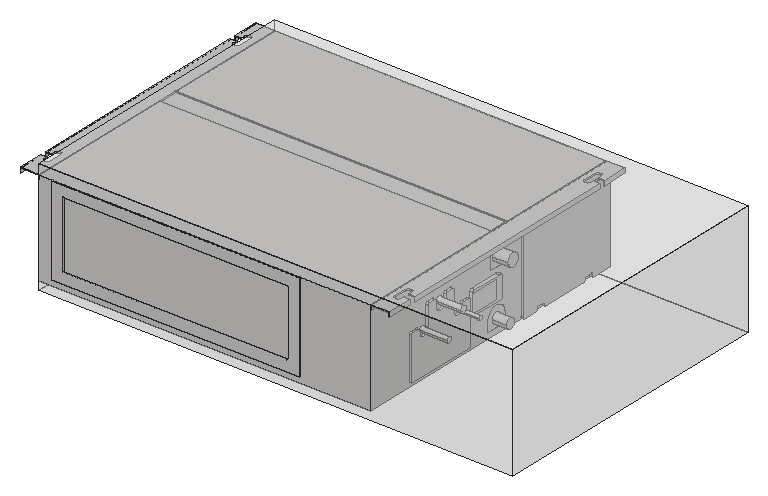
Revit family "outputfile", category 機械設備, Revit 2024
Family settings
  丸型コネクタ寸法 = 半径を使用
  パーツ タイプ = 標準
  OmniClass 番号 = 23.75.10.24.21.27.27
  OmniClass タイトル = Split System Air Conditioning Units
  作業面ベース = いいえ
  常に垂直 = はい
  ロード時にボイドで切り取り = いいえ
  注釈の向きを維持 = いいえ
  共有 = いいえ
  部屋計算ポイント = はい
Parameters (values of type "FPRSQ40APVM")
  Description = ""
  製造元 = "Daikin"
  書き出し IFC クラス(タイプ) = "IfcUnitaryEquipmentType"
  定義済み IFC タイプ(タイプ) = "AIRCONDITIONINGUNIT"
  Cost = 0
  モデル = "FPRSQ40APVM"
  Type Comments = ""
  Keynote = ""
  Type Image = (empty or 0)
  Assembly Code = ""
  r_HP/LP Gas Pipe Size = [HP/LP Gas Pipe Size] / 2  # 4.75 mm
  lw_suctionflange = 40.0 mm  # constant formula
  r_Liquid Pipe Size = Liquid Pipe Size / 2  # 3.2 mm
  r_Gas Pipe Size = Gas Pipe Size / 2  # 6.35 mm
  r_Drain Pipe Size = Drain Pipe Size / 2  # 13.0 mm
  lw_dischargeflange = 61.0 mm
  lw_SA_left = 351.0 mm
  lw_SA = Width - 178.0 mm  # 522.0 mm
  lw_RA = 618.0 mm
  lw_HP/LP Gas = 60.0 mm  # constant formula
  lh_suctionflange [instance] = if(Rear Connection_Return Air, -100.0 mm, -10.0 mm)  # -100.0 mm
  lh_power = 100.0 mm  # constant formula
  lh_mountinghole1 = lh_mountinghole  # 200.0 mm
  lh_dischargeflange = 105.5 mm  # constant formula
  lh_RA = 198.0 mm  # constant formula
  lh_HP/LP Gas = -103.0 mm  # constant formula
  left_pipe = no
  ld_dischargeflange = 310.0 mm  # constant formula
  ld_suctionflange [instance] = if(Rear Connection_Return Air, 190.0 mm, 100.0 mm)  # 190.0 mm
  ld_HP/LP Gas = 179.0 mm  # constant formula
  angle_vertical_RA [instance] = if(Rear Connection_Return Air, 90.00°, 0.00°)  # 90.00°
  angle horizontal_RA [instance] = if(Rear Connection_Return Air, 180.00°, 270.00°)  # 180.00°
  Voltage_comment_60Hz = "220-230"
  Voltage_comment_50Hz = "220 - 240"
  Voltage_60Hz = 220 V
  Voltage_50Hz = 230 V
  URL = ""
  Supply Air Direction [instance] = yes
  Sound Power Level_H speed (dB) = 0
  Rear Connection_Return Air [instance] = not(Bottom Connection_Return Air)  # yes
  ld_RA = 190.0 mm  # constant formula
  Phase_60Hz = 1
  Phase_50Hz = 1
  Minimum External Static Pressure = 0.00 Pa
  Minimum Circuit Amps_60Hz = 0.6 A
  Minimum Circuit Amps_50Hz = 0.6 A
  Maximum Fuse Amps_60Hz = 16.0 A
  Maximum Fuse Amps_50Hz = 16.0 A
  Maximum External Static Pressure = 10.00 Pa
  Material_Casing = DAIKIN_GalvanizedSteel_Casing_indoorunit
  lw_mountinghole = 740.0 mm
  lh_gaspipe = -67.0 mm  # constant formula
  lh_mountinghole = 200.0 mm  # constant formula
  lh_liquidpipe = -103.0 mm  # constant formula
  lh_drainpipe = -50.0 mm  # constant formula
  lh_antena = 1.0 mm  # constant formula
  ld_drainpipe = 23.0 mm  # constant formula
  ld_liquidpipe = 89.0 mm  # constant formula
  ld_gaspipe = 134.0 mm  # constant formula
  ld_mountinghole = 500.0 mm  # constant formula
  h*** = 100.0 mm  # constant formula
  lw_liquidpipe = 54.5 mm  # constant formula
  lw_gaspipe = 54.5 mm  # constant formula
  lw_drainpipe = 33.0 mm  # constant formula
  Width = 700.0 mm
  Version = "ver.1.0"
  Unit Type = "Moisture Control Intelligent 3D Air Flow Ceiling Mounted Duct Type"
  Unit Mass Weight = 24.00 kg
  Unit Designation [instance] = ""
  Uniclass2015Version = "Products v1.30"
  Uniclass2015Title = "Variable refrigerant flow units"
  Uniclass2015Code = "Pr_70_65_03_94"
  Total Cooling Capacity [instance] = 0.000 kW
  Sound Pressure Level_M speed (dBA) = 32
  Sound Pressure Level_L speed (dBA) = 28
  Sound Pressure Level_H speed (dBA) = 36
  Series = "VRV HOME_Fan Coil Unit"
  Sensible Cooling Capacity [instance] = 0.000 kW
  SA Duct Size Width = 456.0 mm
  SA Duct Size Height = 141.0 mm
  Refrigerant Type = "R410A"
  RA Duct Size Width = 580.0 mm
  RA Duct Size Height = 160.0 mm
  Power Input (Cooling) = 0.050 kW
  Option Accessory 3 [instance] = ""
  Option Accessory 2 [instance] = ""
  Option Accessory 1 [instance] = ""
  Nominal Cooling Capacity = 4.500 kW
  Minimum Airflow = 432.00 m³/h
  Median Airflow = 510.00 m³/h
  Maximum Airflow = 600.00 m³/h
  Load Classification = HVAC
  Liquid Pipe Size = 6.4 mm
  Link_Nested Family [instance] = ""
  IfcVersion = ""
  IfcExportType = "AIRCONDITIONINGUNIT"
  IfcExportAs = "IfcUnitaryEquipmentType"
  Height = 200.0 mm
  Heat Exchanger Type = "Cross Fin Coil"
  HP/LP Gas Pipe Size = 9.5 mm
  Gas Pipe Size = 12.7 mm
  Frequency_60Hz = 60 Hz
  Frequency_50Hz = 50 Hz
  Fan Type = "Sirocco Fan"
  Fan Drive = "Direct Drive"
  FCU Tag No. [instance] = ""
  Drain Pipe Size = 26.0 mm
  Design Supply Airflow [instance] = 0.00 m³/h
  Design Return Airflow [instance] = 0.00 m³/h
  Design External Static Pressure [instance] = 0.00 Pa
  Depth = 620.0 mm
  既定の高さ = 0.0 mm
  Cooling Entering Wet Bulb Temperature [instance] = 0.00 °C
  Cooling Entering Dry Bulb Temperature [instance] = 0.00 °C
  Cooling Ambient Wet Bulb Temperature [instance] = 0.00 °C
  Cooling Ambient Dry Bulb Temperature [instance] = 0.00 °C
  Clearance visibility [instance] = yes
  Clearance Top = 20.0 mm
  Clearance Right = 300.0 mm
  Clearance Rear = 0.0 mm
  Clearance Left = 0.0 mm
  Clearance Front = 0.0 mm
  Clearance Bottom = 20.0 mm
  Bottom Connection_Return Air [instance] = no
Reference planes
  plane 1 "Center (Front/Back)": y = 0
  plane 2 "h": z = 0
  plane 3 "Center (Left/Right)": x = 0
  plane 4 "Back": y = 310
  plane 5 "Front": y = -310
  plane 6 "Left": x = -350
  plane 7 "Reight": x = 350
  plane 8 "Top": z = 0
  plane 9 "Bottom": z = -200
  plane 10: z = 1.2
  plane 11: z = -2
  plane 12: y = -136.255
  plane 13: y = -88.831
  plane 14: x = -370
  plane 15 "lh_mountinghole": z = 0
  plane 16: z = -50
  plane 17: y = -250
  plane 18: y = 250
  plane 19 "ld_liquidpipe": y = -89
  plane 20 "ld_gaspipe": y = -134
  plane 21: y = -215
  plane 22 "ld_drainpipe": y = 23
  plane 23: x = -370
  plane 24: x = -350
  plane 25: x = 348.7
  plane 26: x = 383
  plane 27: x = 357
  plane 28: x = 360
  plane 29: x = 358
  plane 30: x = 370
  plane 31: y = 20
  plane 32: x = 380
  plane 33: x = 348
  plane 34: y = 310
  plane 35: y = -310
  plane 36: x = -350
  plane 37: x = 650
  plane 38: z = 20
  plane 39: z = -220
  plane 40: y = 335
  plane 41: z = -198
  plane 42: z = 205.102
  plane 43 "d_liquid_pipe": x = 404.5
  plane 44 "d_gas_pipe": x = 404.5
  plane 45 "ld_SA": y = -310
  plane 46: x = -350
  plane 47: x = -61
  plane 48: y = 500
  plane 49: z = -94.5
  plane 50: x = -349
  plane 51: z = -199
  plane 52: z = -1
  plane 53: y = 120
  plane 54: y = 110
  plane 55: z = -10
  plane 56 "RA_width": x = -40
  plane 57: y = 210
  plane 58 "RA_depth": y = 120
  plane 59: z = -100
  plane 60: x = -349
  plane 61: y = 309
  plane 62: x = 241.57
  plane 63: z = -30
  plane 64 "ld_HP/LP Gas": y = -179
  plane 65: x = 410
  plane 66: x = 330.5
  plane 67: y = 260.8
  plane 68 "h115": z = -84.79
  plane 69: y = 194.79
Forms (mm)
  Extrusion 1, solid, material "DAIKIN_GalvanizedSteel_Casing_indoorunit" <- "Material_Casing"
    sketch origin (0, 0, 0) x (1, 0, 0) y (0, 1, 0)
      loop
        line (-350, 310) -> (-350, -310) -> (350, -310) -> (350, 310) -> (-350, 310)
    from -200 to 0
  Extrusion 2, solid, material "DAIKIN_GalvanizedSteel_Casing_indoorunit" <- "Material_Casing"
    sketch origin (0, 0, 0) x (0, 1, 0) y (0, 0, 1)
      loop
        arc (22.012, -86.909) -> (21.133, -84.787) -> (19.012, -83.909) r 3
        line (19.012, -83.909) -> (-47.992, -83.909)
        arc (-47.992, -83.909) -> (-50.114, -84.788) -> (-50.992, -86.91) r 3
        line (-50.992, -86.91) -> (-50.992, -128.409)
        arc (-50.992, -128.409) -> (-50.114, -130.53) -> (-47.992, -131.409) r 3
        line (-47.992, -131.409) -> (19.012, -131.409)
        arc (19.012, -131.409) -> (21.133, -130.53) -> (22.012, -128.409) r 3
        line (22.012, -128.409) -> (22.012, -86.909)
    from 350 to 360
  Extrusion 3, void
    sketch origin (0, 0, 0) x (1, 0, 0) y (0, 1, 0)
      loop
        line (348.7, 48.53) -> (-350, 48.53) -> (-350, 6.27) -> (348.7, 6.27) -> (348.7, 48.53)
    from -2 to 0
  Extrusion 4, void
    sketch origin (0, 0, 0) x (0, 1, 0) y (0, 0, 1)
      loop
        line (-138.492, -87.409) -> (-138.492, -127.909) -> (9.612, -127.909) -> (9.612, -87.409) -> (-138.492, -87.409)
    from 358 to 360
  Extrusion 5, solid, material "DAIKIN_GalvanizedSteel_Casing_indoorunit" <- "Material_Casing"
    sketch origin (0, 0, 0) x (0, 1, 0) y (0, 0, 1)
      loop
        circle (20, -170) r 10
    from 350 to 380
  Extrusion 6, solid, material "DAIKIN_GalvanizedSteel_Casing_indoorunit" <- "Material_Casing"
    sketch origin (0, 0, 0) x (0, 1, 0) y (0, 0, 1)
      loop
        circle (23, -50) r 13
    from 348 to 383
  Extrusion 7, void
    sketch origin (0, 0, 0) x (0, 1, 0) y (0, 0, 1)
      loop
        arc (2.051, -70.461) -> (3.512, -73.988) -> (7.039, -75.449) r 4.988
        line (7.039, -75.449) -> (38.961, -75.449)
        arc (38.961, -75.449) -> (42.488, -73.988) -> (43.949, -70.461) r 4.988
        line (43.949, -70.461) -> (43.949, -34.039)
        arc (43.949, -34.039) -> (42.488, -30.512) -> (38.961, -29.051) r 4.988
        line (38.961, -29.051) -> (7.039, -29.051)
        arc (7.039, -29.051) -> (3.512, -30.512) -> (2.051, -34.039) r 4.988
        line (2.051, -34.039) -> (2.051, -70.461)
      loop
        arc (44.442, -169.501) -> (20.002, -145.061) -> (-4.438, -169.501) r 24.44
        line (-4.438, -169.501) -> (-4.438, -189.537) -> (44.442, -189.537) -> (44.442, -169.501)
    from 348 to 350
  Extrusion 8, solid
    sketch origin (0, 0, 0) x (0, 1, 0) y (0, 0, 1)
      loop
        circle (-89, -103) r 3.2
    from 350 to 404.5
  Extrusion 9, solid
    sketch origin (0, 0, 0) x (0, 1, 0) y (0, 0, 1)
      loop
        circle (-134, -67) r 6.35
    from 350 to 404.5
  Extrusion 10, solid, material "DAIKIN_GalvanizedSteel_Casing_indoorunit" <- "Material_Casing"
    sketch origin (0, 0, 0) x (1, 0, 0) y (0, 1, 0)
      loop
        circle (330.5, 260.8) r 17.5
    from -198 to -200
  Extrusion 11, void
    sketch origin (0, 0, 0) x (1, 0, 0) y (0, 0, 1)
      loop
        line (-349, -1) -> (-349, -199) -> (269, -199) -> (269, -1) -> (-349, -1)
    from -310 to -120
  Extrusion 12, void
    sketch origin (0, 0, 0) x (1, 0, 0) y (0, 1, 0)
      loop
        line (-349, 309) -> (-349, 111) -> (269, 111) -> (269, 309) -> (-349, 309)
    from -200 to -10
  Extrusion 13, solid, material "DAIKIN_GalvanizedSteel_Casing_indoorunit" <- "Material_Casing", visible <- "Rear Connection_Return Air"
    sketch origin (0, 0, 0) x (1, 0, 0) y (0, 1, 0)
      loop
        line (269, 309) -> (-349, 309) -> (-349, 111) -> (269, 111) -> (269, 309)
    from -200 to -199
  Extrusion 14, solid, material "DAIKIN_GalvanizedSteel_Casing_indoorunit" <- "Material_Casing", visible <- "Bottom Connection_Return Air"
    sketch origin (0, 0, 0) x (1, 0, 0) y (0, 0, 1)
      loop
        line (269, -1) -> (-349, -1) -> (-349, -199) -> (269, -199) -> (269, -1)
    from -310 to -300
  Extrusion 15, solid
    sketch origin (0, 0, 0) x (0, 1, 0) y (0, 0, 1)
      loop
        circle (-179, -103) r 4.75
    from 350 to 410
  Extrusion 16, solid, material "DAIKIN_GalvanizedSteel_Casing_indoorunit" <- "Material_Casing"
    sketch origin (0, 0, 0) x (0, 1, 0) y (0, 0, 1)
      loop
        arc (83.953, -195.012) -> (84.829, -197.128) -> (86.945, -198.005) r 2.993
        line (86.945, -198.005) -> (116.373, -198.005)
        arc (116.373, -198.005) -> (118.489, -197.128) -> (119.366, -195.012) r 2.993
        line (119.366, -195.012) -> (119.366, -188.29)
        arc (119.366, -188.29) -> (120.862, -186.794) -> (122.359, -188.29) r 1.496
        line (122.359, -188.29) -> (122.359, -190.333) -> (137.322, -190.333) -> (137.322, -188.29)
        arc (137.322, -188.29) -> (138.818, -186.794) -> (140.315, -188.29) r 1.496
        line (140.315, -188.29) -> (140.315, -195.012)
        arc (140.315, -195.012) -> (141.191, -197.128) -> (143.307, -198.005) r 2.993
        line (143.307, -198.005) -> (241.068, -198.005)
        arc (241.068, -198.005) -> (243.185, -197.128) -> (244.061, -195.012) r 2.993
        line (244.061, -195.012) -> (244.061, -188.29)
        arc (244.061, -188.29) -> (245.558, -186.794) -> (247.054, -188.29) r 1.496
        line (247.054, -188.29) -> (247.054, -190.333) -> (262.017, -190.333) -> (262.017, -188.29)
        arc (262.017, -188.29) -> (263.514, -186.794) -> (265.01, -188.29) r 1.496
        line (265.01, -188.29) -> (265.01, -195.012)
        arc (265.01, -195.012) -> (265.887, -197.128) -> (268.003, -198.005) r 2.993
        line (268.003, -198.005) -> (310, -198.005) -> (310, -22.445) -> (280.969, -22.445) -> (277.477, -25.937) -> (207.648, -25.937) -> (204.157, -22.445) -> (86.945, -22.445)
        arc (86.945, -22.445) -> (84.829, -23.322) -> (83.953, -25.438) r 2.993
        line (83.953, -25.438) -> (83.953, -195.012)
      loop
        arc (-116.44, -57.656) -> (-118.563, -58.535) -> (-119.443, -60.659) r 3.003
        line (-119.443, -60.659) -> (-119.443, -71.5)
        arc (-119.443, -71.5) -> (-134, -86.057) -> (-148.557, -71.5) r 14.557
        line (-148.557, -71.5) -> (-148.557, -60.659)
        arc (-148.557, -60.659) -> (-149.437, -58.535) -> (-151.56, -57.656) r 3.003
        line (-151.56, -57.656) -> (-164.073, -57.656)
        arc (-164.073, -57.656) -> (-166.196, -58.535) -> (-167.076, -60.659) r 3.003
        line (-167.076, -60.659) -> (-167.076, -103)
        arc (-167.076, -103) -> (-179.13, -115.055) -> (-191.185, -103) r 12.055
        line (-191.185, -103) -> (-191.185, -98.897)
        arc (-191.185, -98.897) -> (-192.064, -96.774) -> (-194.188, -95.894) r 3.003
        line (-194.188, -95.894) -> (-208.202, -95.894)
        arc (-208.202, -95.894) -> (-210.325, -96.774) -> (-211.205, -98.897) r 3.003
        line (-211.205, -98.897) -> (-211.205, -189.537) -> (-58.882, -189.537) -> (-58.882, -98.897)
        arc (-58.882, -98.897) -> (-59.762, -96.774) -> (-61.885, -95.894) r 3.003
        line (-61.885, -95.894) -> (-74.026, -95.894)
        arc (-74.026, -95.894) -> (-76.15, -96.774) -> (-77.029, -98.897) r 3.003
        line (-77.029, -98.897) -> (-77.029, -103)
        arc (-77.029, -103) -> (-88.977, -114.948) -> (-100.924, -103) r 11.948
        line (-100.924, -103) -> (-100.924, -60.659)
        arc (-100.924, -60.659) -> (-101.804, -58.535) -> (-103.927, -57.656) r 3.003
        line (-103.927, -57.656) -> (-116.44, -57.656)
    from 350 to 357
  Revolve 17, solid, material "DAIKIN_GalvanizedSteel_Casing_indoorunit" <- "Material_Casing", visible <- "left_pipe"
    sketch origin (0, 0, -84.79) x (0, 1, 0) y (-1, 0, 0)
      loop
        line (194.79, 350) -> (194.79, 365.7) -> (187.29, 365.7) -> (187.29, 358.7) -> (177.29, 358.7) -> (177.29, 350) -> (194.79, 350)
      axis (194.79, 365.7) -> (194.79, 350)
    angle from 0 to 360
Cuts and joins
  Extrusion 3, Extrusion 4, Extrusion 7, Extrusion 11, Extrusion 12 cuts Extrusion 1
  Extrusion 4 cuts Extrusion 2
  Extrusion 11 cuts Extrusion 6
Dimensions and locks
  "Height": plane 8 "Top" to plane 9 "Bottom"
  locked: plane 10 to plane 8 "Top" at 1.2
  locked: plane 8 "Top" to plane 11 at 2
  equal spacing: plane 17, plane 1 "Center (Front/Back)", plane 18
  "ld_mountinghole": plane 17 to plane 18
  "ld_gaspipe": plane 20 "ld_gaspipe" to plane 1 "Center (Front/Back)"
  "ld_liquidpipe": plane 19 "ld_liquidpipe" to plane 1 "Center (Front/Back)"
  equal spacing: plane 4 "Back", plane 1 "Center (Front/Back)", plane 5 "Front"
  "Depth": plane 4 "Back" to plane 5 "Front"
  locked: plane 12 to plane 1 "Center (Front/Back)" at 136.255
  locked: plane 12 to plane 13 at 47.425
  locked: plane 13 to plane 1 "Center (Front/Back)" at 88.831
  equal spacing: plane 6 "Left", plane 3 "Center (Left/Right)", plane 7 "Reight"
  "Width": plane 6 "Left" to plane 7 "Reight"
  "lw_drainpipe": plane 7 "Reight" to plane 26
  locked: plane 7 "Reight" to plane 27 at 7
  locked: plane 28 to plane 26 at 23
  locked: plane 29 to plane 26 at 25
  equal spacing: plane 23, plane 3 "Center (Left/Right)", plane 30
  "lw_mountinghole": plane 23 to plane 30
  locked: plane 7 "Reight" to plane 32 at 30
  locked: plane 33 to plane 7 "Reight" at 2
  "Clearance Left": plane 36 to plane 6 "Left"
  "Clearance Right": plane 7 "Reight" to plane 37
  "Clearance Rear": plane 34 to plane 4 "Back"
  "Clearance Front": plane 5 "Front" to plane 35
  "Clearance Top": plane 38 to plane 8 "Top"
  "Clearance Bottom": plane 9 "Bottom" to plane 39
  locked: plane 40 to plane 4 "Back" at 25
  locked: plane 25 to plane 7 "Reight" at 1.3
  locked: plane 41 to plane 9 "Bottom" at 2
  "lw_liquidpipe": plane 7 "Reight" to plane 43 "d_liquid_pipe"
  "lw_gaspipe": plane 7 "Reight" to plane 44 "d_gas_pipe"
  "lh_mountinghole": plane 15 "lh_mountinghole" to plane 9 "Bottom"
  "ld_suctionflange": plane 48 to plane 4 "Back"
  "lw_dischargeflange": plane 47 to plane 3 "Center (Left/Right)"
  "lh_dischargeflange": plane 49 to plane 9 "Bottom"
  locked: plane 8 "Top" to plane 52 at 1
  locked: plane 50 to plane 6 "Left" at 1
  locked: plane 51 to plane 9 "Bottom" at 1
  locked: plane 55 to plane 9 "Bottom" at 190
  locked: plane 4 "Back" to plane 53 at 190
  locked: plane 4 "Back" to plane 54 at 200
  locked: plane 4 "Back" to plane 57 at 100
  "lw_suctionflange": plane 56 "RA_width" to plane 3 "Center (Left/Right)"
  "ld_suctionflange": plane 4 "Back" to plane 58 "RA_depth"
  "lh_power": plane 59 to plane 9 "Bottom"
  locked: plane 46 to plane 60 at 1
  locked: plane 34 to plane 61 at 1
  locked: plane 8 "Top" to plane 63 at 30
  locked: plane 7 "Reight" to plane 62 at 108.43
  locked: plane 16 to plane 9 "Bottom" at 150
  locked: Extrusion 3 sketch curve to Extrusion 3 sketch curve at 42.26
  "ld_HP/LP Gas": plane 64 "ld_HP/LP Gas" to plane 1 "Center (Front/Back)"
  "ld_drainpipe": plane 1 "Center (Front/Back)" to plane 22 "ld_drainpipe"
  locked: plane 1 "Center (Front/Back)" to plane 31 at 20
  locked: Extrusion 5 sketch curve to plane 9 "Bottom" at 30
  Extrusion 15 sketch curve to plane 9 "Bottom" = 97.0 mm
  "lw_HP/LP Gas": plane 7 "Reight" to plane 65
  locked: Extrusion 9 sketch curve to plane 9 "Bottom" at 133
  locked: Extrusion 8 sketch curve to plane 9 "Bottom" at 97
  plane 66 to plane 7 "Reight" = 19.5 mm
  locked: plane 68 "h115" to plane 9 "Bottom" at 115.21
  locked: plane 4 "Back" to plane 69 at 115.21
  Revolve 17 sketch curve to plane 6 "Left" = 8.7 mm
  Revolve 17 sketch curve to plane 6 "Left" = 15.7 mm
  locked: plane 69 to Revolve 17 sketch curve at 17.5
  locked: plane 69 to Revolve 17 sketch curve at 7.5
  "ld_dischargeflange": plane 45 "ld_SA" to plane 1 "Center (Front/Back)"
  plane 4 "Back" to cut or joined group of Extrusion 1, Extrusion 3, Extrusion 4, Extrusion 7, Extrusion 11, Extrusion 12 = 261.47 mm
  plane 4 "Back" to plane 67 = 49.2 mm
  "Drain Pipe Size": diameter of Extrusion 6 sketch curve
  "Liquid Pipe Size": diameter of Extrusion 8 sketch curve
  "Gas Pipe Size": diameter of Extrusion 9 sketch curve
  "HP/LP Gas Pipe Size": diameter of Extrusion 15 sketch curve
  aligned and locked: level to plane 2 "h"
  aligned and locked: plane 8 "Top" to Extrusion 1
  aligned and locked: Extrusion 1 to plane 9 "Bottom"
  aligned and locked: Extrusion 3 to plane 11
  aligned and locked: plane 8 "Top" to Extrusion 3
  aligned and locked: Extrusion 2 to Extrusion 4
  aligned and locked: nested 3 to plane 20 "ld_gaspipe"
  aligned and locked: nested 4 to plane 19 "ld_liquidpipe"
  aligned and locked: nested 5 to plane 22 "ld_drainpipe"
  aligned and locked: nested 1 to plane 7 "Reight"
  aligned and locked: plane 6 "Left" to plane 24
  aligned and locked: Extrusion 3 sketch curve to plane 24
  aligned and locked: Extrusion 3 sketch curve to plane 25
  aligned and locked: cut or joined group of Extrusion 1, Extrusion 3, Extrusion 4, Extrusion 7, Extrusion 11, Extrusion 12 to plane 6 "Left"
  aligned and locked: plane 7 "Reight" to cut or joined group of Extrusion 1, Extrusion 3, Extrusion 4, Extrusion 7, Extrusion 11, Extrusion 12
  aligned and locked: plane 26 to Extrusion 6
  aligned and locked: Extrusion 6 to plane 26  (x2)
  aligned and locked: plane 7 "Reight" to nested 1
  aligned and locked: plane 28 to cut or joined group of Extrusion 2, Extrusion 4
  aligned and locked: cut or joined group of Extrusion 2, Extrusion 4 to plane 29
  aligned and locked: nested 2 to plane 6 "Left"
  aligned and locked: plane 31 to Extrusion 5 sketch curve
  aligned and locked: Extrusion 5 to plane 7 "Reight"
  aligned and locked: plane 32 to Extrusion 5
  aligned and locked: Extrusion 2 to plane 7 "Reight"
  aligned and locked: plane 7 "Reight" to Extrusion 7
  aligned and locked: plane 33 to Extrusion 7
  aligned and locked: plane 33 to Extrusion 6
  aligned and locked: plane 3 "Center (Left/Right)" to nested 6
  aligned and locked: plane 1 "Center (Front/Back)" to nested 6
  aligned and locked: plane 4 "Back" to cut or joined group of Extrusion 1, Extrusion 3, Extrusion 4, Extrusion 7, Extrusion 11, Extrusion 12
  aligned and locked: nested 7 to plane 35
  aligned and locked: plane 36 to nested 7
  aligned and locked: plane 37 to nested 7
  aligned and locked: nested 7 to plane 36
  aligned and locked: plane 34 to nested 7
  aligned and locked: plane 38 to nested 7
  aligned and locked: plane 39 to nested 7
  aligned and locked: Extrusion 8 to plane 7 "Reight"
  aligned and locked: plane 43 "d_liquid_pipe" to Extrusion 8
  aligned and locked: plane 20 "ld_gaspipe" to Extrusion 9 sketch curve
  aligned and locked: Extrusion 9 to plane 7 "Reight"
  aligned and locked: plane 44 "d_gas_pipe" to Extrusion 9
  aligned and locked: plane 44 "d_gas_pipe" to nested 3
  aligned and locked: plane 43 "d_liquid_pipe" to nested 4
  aligned and locked: plane 19 "ld_liquidpipe" to Extrusion 8 sketch curve
  aligned and locked: plane 15 "lh_mountinghole" to nested 2
  aligned and locked: plane 15 "lh_mountinghole" to nested 1
  aligned and locked: plane 30 to nested 8
  aligned and locked: plane 17 to nested 8
  aligned and locked: plane 30 to nested 11
  aligned and locked: plane 18 to nested 11
  aligned and locked: plane 23 to nested 9
  aligned and locked: plane 18 to nested 9
  aligned and locked: plane 23 to nested 10
  aligned and locked: plane 17 to nested 10
  aligned and locked: plane 47 to nested 12
  aligned and locked: plane 49 to nested 12
  aligned and locked: Extrusion 10 to plane 9 "Bottom"
  aligned and locked: nested 13 to plane 9 "Bottom"
  aligned and locked: plane 50 to Extrusion 11 sketch curve
  aligned and locked: Extrusion 11 sketch curve to plane 52
  aligned and locked: plane 51 to Extrusion 11 sketch curve
  aligned and locked: plane 4 "Back" to Extrusion 11
  aligned and locked: Extrusion 12 to plane 9 "Bottom"
  aligned and locked: plane 55 to Extrusion 12
  aligned and locked: Extrusion 13 sketch curve to cut or joined group of Extrusion 1, Extrusion 3, Extrusion 4, Extrusion 7, Extrusion 11, Extrusion 12
  aligned and locked: cut or joined group of Extrusion 1, Extrusion 3, Extrusion 4, Extrusion 7, Extrusion 11, Extrusion 12 to Extrusion 13 sketch curve
  aligned and locked: Extrusion 13 to plane 9 "Bottom"
  aligned and locked: Extrusion 11 to plane 53
  aligned and locked: Extrusion 14 sketch curve to cut or joined group of Extrusion 1, Extrusion 3, Extrusion 4, Extrusion 7, Extrusion 11, Extrusion 12  (x3)
  aligned and locked: plane 4 "Back" to Extrusion 14
  aligned and locked: Extrusion 13 to cut or joined group of Extrusion 1, Extrusion 3, Extrusion 4, Extrusion 7, Extrusion 11, Extrusion 12
  aligned and locked: plane 7 "Reight" to nested 5
  aligned and locked: plane 22 "ld_drainpipe" to nested 5
  aligned and locked: nested 2 to plane 1 "Center (Front/Back)"
  aligned and locked: plane 22 "ld_drainpipe" to Extrusion 6 sketch curve
  aligned and locked: plane 7 "Reight" to nested 17
  aligned and locked: plane 64 "ld_HP/LP Gas" to nested 17
  aligned and locked: plane 64 "ld_HP/LP Gas" to Extrusion 15 sketch curve
  aligned and locked: Extrusion 15 to plane 65
  aligned and locked: Extrusion 16 to plane 7 "Reight"
  aligned and locked: Extrusion 16 to plane 27
  aligned and locked: plane 67 to Extrusion 10 sketch curve
  aligned and locked: plane 66 to Extrusion 10 sketch curve
  aligned and locked: plane 66 to nested 13
  aligned and locked: plane 67 to nested 13
  aligned and locked: Extrusion 13 sketch curve to nested 16
  aligned and locked: plane 56 "RA_width" to nested 15
  aligned and locked: Extrusion 15 to plane 7 "Reight"
  aligned and locked: plane 56 "RA_width" to nested 16
  aligned and locked: Revolve 17 sketch curve to plane 69  (x2)
  aligned and locked: nested 15 to plane 58 "RA_depth"
  aligned and locked: plane 47 to nested 18
  aligned and locked: nested 18 to plane 49
  aligned and locked: plane 1 "Center (Front/Back)" to nested 12
  aligned and locked: plane 45 "ld_SA" to nested 18
  aligned and locked: plane 5 "Front" to Extrusion 1 sketch curve
Automatic sketch dimensions
  Extrusion 1 sketch curve to plane 6 "Left" = 0.0 mm
  Extrusion 1 sketch curve to plane 7 "Reight" = 0.0 mm
  Extrusion 1 sketch curve to plane 4 "Back" = 0.0 mm
  plane 6 "Left" to Extrusion 12 sketch curve = 1.0 mm
  Extrusion 12 sketch curve to plane 7 "Reight" = 81.0 mm
  Extrusion 12 sketch curve to plane 4 "Back" = 1.0 mm
  Extrusion 13 sketch curve to plane 4 "Back" = 1.0 mm
  plane 33 to Extrusion 14 sketch curve = 79.0 mm
  plane 33 to Extrusion 11 sketch curve = 79.0 mm
  plane 54 to Extrusion 12 sketch curve = 1.0 mm
  Extrusion 6 sketch curve to plane 16 = 0.0 mm
  Extrusion 2 sketch curve to Extrusion 2 sketch curve = 3.0 mm  (x5)
  Extrusion 2 sketch curve to plane 49 = 7.591 mm
  Extrusion 4 sketch curve to plane 49 = 7.091 mm
  Extrusion 4 sketch curve to plane 1 "Center (Front/Back)" = 9.612 mm
  plane 20 "ld_gaspipe" to Extrusion 4 sketch curve = 4.492 mm
  Extrusion 4 sketch curve to plane 59 = 27.909 mm
  plane 22 "ld_drainpipe" to Extrusion 2 sketch curve = 3.988 mm
  Extrusion 2 sketch curve to plane 59 = 28.409 mm
  Extrusion 2 sketch curve to plane 19 "ld_liquidpipe" = 41.008 mm
  plane 1 "Center (Front/Back)" to Extrusion 7 sketch curve = 4.438 mm
  Extrusion 7 sketch curve to plane 1 "Center (Front/Back)" = 2.051 mm
  plane 63 to Extrusion 7 sketch curve = 0.949 mm
  Extrusion 7 sketch curve to plane 1 "Center (Front/Back)" = 7.039 mm  (x2)
  plane 22 "ld_drainpipe" to Extrusion 7 sketch curve = 2.998 mm
  Extrusion 7 sketch curve to plane 22 "ld_drainpipe" = 15.961 mm  (x2)
  Extrusion 7 sketch curve to Extrusion 7 sketch curve = 4.988 mm
  Extrusion 7 sketch curve to plane 49 = 24.039 mm
  plane 41 to Extrusion 7 sketch curve = 28.499 mm
  plane 41 to Extrusion 7 sketch curve = 8.463 mm
  Extrusion 16 sketch curve to plane 21 = 3.795 mm  (x2)
  Extrusion 16 sketch curve to Extrusion 16 sketch curve = 3.003 mm  (x6)
  plane 49 to Extrusion 16 sketch curve = 1.394 mm  (x4)
  Extrusion 16 sketch curve to Extrusion 16 sketch curve = 0.0 mm  (x18)
  plane 49 to Extrusion 16 sketch curve = 4.397 mm  (x2)
  Extrusion 16 sketch curve to Extrusion 16 sketch curve = 14.014 mm
  Extrusion 16 sketch curve to plane 64 "ld_HP/LP Gas" = 0.13 mm
  plane 64 "ld_HP/LP Gas" to Extrusion 16 sketch curve = 11.924 mm
  Extrusion 16 sketch curve to Extrusion 16 sketch curve = 12.513 mm  (x2)
  plane 20 "ld_gaspipe" to Extrusion 16 sketch curve = 0.0 mm
  Extrusion 16 sketch curve to plane 59 = 3.0 mm  (x3)
  plane 19 "ld_liquidpipe" to Extrusion 16 sketch curve = 11.924 mm
  Extrusion 16 sketch curve to plane 19 "ld_liquidpipe" = 0.023 mm
  Extrusion 16 sketch curve to Extrusion 16 sketch curve = 12.141 mm
  plane 41 to Extrusion 16 sketch curve = 8.463 mm
  Extrusion 16 sketch curve to plane 19 "ld_liquidpipe" = 30.118 mm
  plane 63 to Extrusion 16 sketch curve = 4.562 mm
  Extrusion 16 sketch curve to plane 53 = 36.047 mm
  Extrusion 16 sketch curve to Extrusion 16 sketch curve = 2.993 mm  (x4)
  Extrusion 16 sketch curve to plane 41 = 0.005 mm  (x3)
  Extrusion 16 sketch curve to plane 53 = 3.627 mm
  Extrusion 16 sketch curve to plane 53 = 0.634 mm
  plane 53 to Extrusion 16 sketch curve = 0.862 mm
  Extrusion 16 sketch curve to Extrusion 16 sketch curve = 14.963 mm
  Extrusion 16 sketch curve to Extrusion 16 sketch curve = 1.496 mm  (x3)
  Extrusion 16 sketch curve to plane 57 = 5.843 mm
  Extrusion 16 sketch curve to plane 57 = 2.352 mm
  plane 18 to Extrusion 16 sketch curve = 8.932 mm
  plane 18 to Extrusion 16 sketch curve = 5.939 mm
  Extrusion 16 sketch curve to plane 18 = 12.017 mm
  plane 63 to Extrusion 16 sketch curve = 4.063 mm
  Extrusion 16 sketch curve to plane 18 = 27.477 mm
  Extrusion 16 sketch curve to Extrusion 16 sketch curve = 3.491 mm
  Extrusion 16 sketch curve to plane 4 "Back" = 0.0 mm
  Extrusion 16 sketch curve to Extrusion 16 sketch curve = 4.679 mm  (x2)
  Extrusion 16 sketch curve to Extrusion 16 sketch curve = 2.042 mm  (x4)
  Extrusion 16 sketch curve to plane 49 = 23.0 mm
  Extrusion 16 sketch curve to Extrusion 16 sketch curve = 10.841 mm  (x4)
  plane 63 to Extrusion 16 sketch curve = 7.555 mm
  Revolve 17 sketch curve to plane 6 "Left" = 0.0 mm
  plane 60 to Revolve 17 sketch curve = 53.3 mm
  Revolve 17 sketch curve to plane 14 = 10.7 mm
  Extrusion 3 sketch curve to plane 1 "Center (Front/Back)" = 6.27 mm
  radius of Extrusion 5 sketch curve = 10.0 mm
  radius of Extrusion 10 sketch curve = 17.5 mm
Nested families
  nested 1: "daikin_hangerfixture_FPRSQ-APVM" at (350, 0, 0), type "daikin_hangerfixture_FPRSQ-APVM"
  nested 2: "daikin_hangerfixture_FPRSQ-APVM" at (-350, 0, 0) x (-1, 0, 0) z (0, 0, 1), type "daikin_hangerfixture_FPRSQ-APVM"
  nested 3: "daikin_connector_rotate2" at (350, -134, -67) x (0, 1, 0) z (0, 0, 1), length <- "lw_gaspipe", built-in parameter 1001364 <- "lh_gaspipe", type "daikin_connector_rotate2"
    with radius 6.35 mm, length 54.5 mm, angle_vertical 90.00°
  nested 4: "daikin_connector_rotate2" at (350, -89, -103) x (0, 1, 0) z (0, 0, 1), length <- "lw_liquidpipe", built-in parameter 1001364 <- "lh_liquidpipe", type "daikin_connector_rotate2"
    with radius 3.2 mm, length 54.5 mm, angle_vertical 90.00°
  nested 5: "daikin_connector_rotate2" at (350, 23, -50) x (0, 1, 0) z (0, 0, 1), length <- "lw_drainpipe", built-in parameter 1001364 <- "lh_drainpipe", type "daikin_connector_rotate2"
    with radius 10.0 mm, length 33.0 mm, angle_vertical 90.00°
  nested 6: "daikin_△_symbolicline" at (0, 0, 200), built-in parameter 1001364 <- "Height", visible <- "Supply Air Direction", type "daikin_△_symbolicline"
    with length 200.0 mm
  nested 7: "daikin_clearancespace" at (150, 0, -99.881), visible <- "Clearance visibility", show <- "Clearance visibility", Link_Nested Family <- "Link_Nested Family", type "daikin_clearancespace"
    with width 1000.0 mm, show yes, height 240.0 mm, depth 620.0 mm, Link_Nested Family ""
  nested 8: "daikin_mountinghole" at (370, -250, -200), l_antenna <- "lh_antena", Link_Nested Family <- "Link_Nested Family", h_mountinghole <- "lh_mountinghole1", type "daikin_mountinghole"
    with show yes, l_antenna 1.0 mm, h_mountinghole 200.0 mm, Link_Nested Family ""
  nested 9: "daikin_mountinghole" at (-370, 250, -200), l_antenna <- "lh_antena", Link_Nested Family <- "Link_Nested Family", h_mountinghole <- "lh_mountinghole1", type "daikin_mountinghole"
    with show yes, l_antenna 1.0 mm, h_mountinghole 200.0 mm, Link_Nested Family ""
  nested 10: "daikin_mountinghole" at (-370, -250, -200), l_antenna <- "lh_antena", Link_Nested Family <- "Link_Nested Family", h_mountinghole <- "lh_mountinghole1", type "daikin_mountinghole"
    with show yes, l_antenna 1.0 mm, h_mountinghole 200.0 mm, Link_Nested Family ""
  nested 11: "daikin_mountinghole" at (370, 250, -200), l_antenna <- "lh_antena", Link_Nested Family <- "Link_Nested Family", h_mountinghole <- "lh_mountinghole1", type "daikin_mountinghole"
    with show yes, l_antenna 1.0 mm, h_mountinghole 200.0 mm, Link_Nested Family ""
  nested 12: "daikin_connector_rotate2" at (-61, 0, -94.5), length <- "ld_dischargeflange", type "daikin_connector_rotate2"
    with radius 10.0 mm, length 310.0 mm, angle_vertical 90.00°
  nested 13: "daikin_connector_rotate2" at (330.5, 260.8, -100) x (1, 0, 0) z (0, -1, 0), length <- "lh_power", type "daikin_connector_rotate2"
    with radius 10.0 mm, length 100.0 mm, angle_vertical 90.00°
  nested 14: "daikin_ductflange_FPRSQ-APVM2" at (-40, 310, -199), height <- "lh_RA", width <- "lw_RA", visible <- "Rear Connection_Return Air", type "daikin_ductflange_FPRSQ-APVM2"
    with width 618.0 mm, height 198.0 mm, depth 8.188 mm
  nested 15: "daikin_connector_rotate3" at (-40, 120, -100), built-in parameter 1001364 <- "lh_suctionflange", length <- "ld_RA", angle_vertical <- "angle_vertical_RA", angle_horizontal <- "angle horizontal_RA", type "daikin_connector_rotate3"
    with show no, radius 10.0 mm, length 190.0 mm, angle_vertical 90.00°, angle_horizontal 180.00°
  nested 16: "daikin_ductflange_FPRSQ-APVM2" at (-40, 111, -200) x (1, 0, 0) z (0, 1, 0), width <- "lw_RA", height <- "lh_RA", visible <- "Bottom Connection_Return Air", type "daikin_ductflange_FPRSQ-APVM2"
    with width 618.0 mm, height 198.0 mm, depth 562.323 mm
  nested 17: "daikin_connector_rotate2" at (350, -179, -103) x (0, 1, 0) z (0, 0, 1), length <- "lw_HP/LP Gas", built-in parameter 1001364 <- "lh_HP/LP Gas", type "daikin_connector_rotate2"
    with radius 4.8 mm, length 60.0 mm, angle_vertical 90.00°
  nested 18: "daikin_ductflange_FPRSQ-APVM3" at (-61, -310, -193.5), height <- "lh_RA", width <- "lw_SA", type "daikin_ductflange_FPRSQ-APVM3"
    with width 522.0 mm, height 198.0 mm, depth 1.0 mm
Connectors
  piping at (404.5, -134, -67), diameter 12.7, driven by "r_Gas Pipe Size"
    settings: on nested 3, index 3, connector inside diameter 609.6 mm, connector length 0.0 mm, flow factor 0, pipe flow 0.00 m³/h, pressure drop 0.0 Pa, fitting loss kfactor 0, connector angle 0.00°, fixture units 0, engagement length 0.0 mm, angle of deflection 0.00°, flow configuration 1, flow direction 2, fitting loss method 0, system type 29, joint type 0, gender type 0, connector reference index -1, connector utility 0, adjustable connector no, is connector primary yes, connector description "Refrigerant Gas Piping"
  piping at (404.5, -89, -103), diameter 6.4, driven by "r_Liquid Pipe Size"
    settings: on nested 4, index 4, connector inside diameter 609.6 mm, connector length 0.0 mm, flow factor 0, pipe flow 0.00 m³/h, pressure drop 0.0 Pa, fitting loss kfactor 0, connector angle 0.00°, fixture units 0, engagement length 0.0 mm, angle of deflection 0.00°, flow configuration 1, flow direction 1, fitting loss method 0, system type 29, joint type 0, gender type 0, connector reference index -1, connector utility 0, adjustable connector no, is connector primary no, connector description "Refrigerant Liquid Piping"
  piping at (383, 23, -50), diameter 26, driven by "r_Drain Pipe Size"
    settings: on nested 5, index 5, connector inside diameter 609.6 mm, connector length 0.0 mm, flow factor 0, pipe flow 0.00 m³/h, pressure drop 0.0 Pa, fitting loss kfactor 0, connector angle 0.00°, fixture units 0, engagement length 0.0 mm, angle of deflection 0.00°, flow configuration 1, flow direction 2, fitting loss method 4, system type 16, joint type 0, gender type 0, connector reference index -1, connector utility 0, adjustable connector no, is connector primary no, connector description "Condensate Drain Piping"
  electrical at (330.5, 260.8, -200), driven by "Load Classification"
    settings: on nested 13, index 12, voltage 0 V, apparent load 0 VA, apparent load phase1 0 VA, apparent load phase2 0 VA, apparent load phase3 0 VA, power factor 1, load classification "HVAC", number of poles 1, system type 30, power factor state 1, is connector primary yes, connector utility no, sub classification motor no, connector description "Power Supply"
  hvac at (-40, 310, -100), driven by "RA Duct Size Height", driven by "RA Duct Size Width"
    settings: on nested 15, index 13, duct flow 0.00 m³/h, flow factor 0, pres drop 0.00 Pa, loss coef 0, conn angle 0.00°, conn width 580.0 mm, conn height 160.0 mm, conn diameter 609.6 mm, duct sys type 2, conn prof type 1, flow config 0, flow direction 1, loss method 4, conn ref index -1, conn util no, is conn primary yes, conn desc "RA Duct"
  piping at (410, -179, -103), diameter 9.5, driven by "r_HP/LP Gas Pipe Size"
    settings: on nested 17, index 14, connector inside diameter 609.6 mm, connector length 0.0 mm, flow factor 0, pipe flow 0.00 m³/h, pressure drop 0.0 Pa, fitting loss kfactor 0, connector angle 0.00°, fixture units 0, engagement length 0.0 mm, angle of deflection 0.00°, flow configuration 1, flow direction 0, fitting loss method 0, system type 29, joint type 0, gender type 0, connector reference index -1, connector utility 0, adjustable connector no, is connector primary no, connector description "Refrigerant HP/LP Gas Piping"
  hvac at (-61, -310, -94.5), driven by "SA Duct Size Height", driven by "SA Duct Size Width"
    settings: on nested 12, index 15, duct flow 0.00 m³/h, flow factor 0, pres drop 0.00 Pa, loss coef 0, conn angle 0.00°, conn width 456.0 mm, conn height 141.0 mm, conn diameter 609.6 mm, duct sys type 1, conn prof type 1, flow config 0, flow direction 2, loss method 4, conn ref index -1, conn util no, is conn primary no, conn desc "SA Duct"
Definition of nested family "daikin_hangerfixture_FPRSQ-APVM"
  Parameters (values of type "daikin_hangerfixture_FXDSQ-AVM")
    width = 40.0 mm
    material = none
    height = 10.0 mm
    depth = 620.0 mm
    Default Elevation = 0.0 mm
  Reference planes
    plane 1 "Center (Front/Back)": y = 0
    plane 2: z = 0
    plane 3 "Center (Left/Right)": x = 0
    plane 4: y = 417.146
    plane 5: z = -1.6
    plane 6: x = 40
    plane 7: y = 310
    plane 8: y = -310
    plane 9: y = -313.5
    plane 10: y = 313.5
    plane 11: z = -10
    plane 12: x = 1.5
  Forms (mm)
    Extrusion 1, solid, material <- "material"
      sketch origin (0, 0, 0) x (1, 0, 0) y (0, 1, 0)
        loop
          line (12.981, 236.965) -> (12.981, 263.035)
          arc (12.981, 263.035) -> (20, 270.054) -> (27.019, 263.035) r 7.019
          line (27.019, 263.035) -> (27.019, 256.518) -> (40, 256.518) -> (40, 310) -> (0, 310) -> (0, -310) -> (40, -310) -> (40, -256.518) -> (27.019, -256.518) -> (27.019, -263.035)
          arc (27.019, -263.035) -> (20, -270.054) -> (12.981, -263.035) r 7.019
          line (12.981, -263.035) -> (12.981, -236.965)
          arc (12.981, -236.965) -> (20, -229.946) -> (27.019, -236.965) r 7.019
          line (27.019, -236.965) -> (27.019, -243.482) -> (40, -243.482) -> (40, 243.482) -> (27.019, 243.482) -> (27.019, 236.965)
          arc (27.019, 236.965) -> (20, 229.946) -> (12.981, 236.965) r 7.019
      from -1.6 to 0
    Extrusion 2, solid, material <- "material"
      sketch origin (0, 0, 0) x (0, 1, 0) y (0, 0, 1)
        loop
          line (310, -10) -> (310, 0) -> (-310, 0) -> (-310, -10) -> (310, -10)
      from 0 to 1.5
    Extrusion 3, solid, material <- "material"
      sketch origin (0, 0, 0) x (0, 1, 0) y (0, 0, 1)
        loop
          line (-310, -10) -> (-256.518, -10) -> (-256.518, 0) -> (-310, 0) -> (-310, -10)
        loop
          line (310, -10) -> (310, 0) -> (256.518, 0) -> (256.518, -10) -> (310, -10)
        loop
          line (-243.482, 0) -> (-243.482, -10) -> (243.482, -10) -> (243.482, 0) -> (-243.482, 0)
      from 38.442 to 40
  Cuts and joins
    joined: Extrusion 1, Extrusion 2, Extrusion 3
  Dimensions and locks
    "width": plane 3 "Center (Left/Right)" to plane 6
    "depth": plane 8 to plane 7
    equal spacing: plane 8, plane 1 "Center (Front/Back)", plane 7
    locked: plane 9 to plane 8 at 3.5
    locked: plane 7 to plane 10 at 3.5
    "height": level to plane 11
    locked: plane 12 to plane 3 "Center (Left/Right)" at 1.5
    locked: Extrusion 3 to plane 6 at 1.558
    aligned and locked: level to plane 2
    aligned and locked: level to Extrusion 1
    aligned and locked: Extrusion 1 to plane 5
    aligned and locked: level to Extrusion 2 sketch curve
    aligned and locked: plane 12 to Extrusion 2
    aligned and locked: level to Extrusion 3 sketch curve
    aligned and locked: plane 6 to cut or joined group of Extrusion 1, Extrusion 2, Extrusion 3
    aligned and locked: cut or joined group of Extrusion 1, Extrusion 2, Extrusion 3 to plane 11
  Automatic sketch dimensions
    Extrusion 2 sketch curve to plane 7 = 0.0 mm
    Extrusion 1 sketch curve to plane 3 "Center (Left/Right)" = 0.0 mm
    Extrusion 1 sketch curve to plane 6 = 0.0 mm  (x3)
    plane 8 to Extrusion 1 sketch curve = 0.0 mm
    plane 7 to Extrusion 1 sketch curve = 0.0 mm
    plane 12 to Extrusion 1 sketch curve = 11.481 mm  (x2)
    Extrusion 1 sketch curve to Extrusion 1 sketch curve = 7.019 mm  (x4)
    Extrusion 1 sketch curve to plane 8 = 46.965 mm
    Extrusion 1 sketch curve to Extrusion 1 sketch curve = 6.518 mm  (x4)
    Extrusion 1 sketch curve to Extrusion 1 sketch curve = 13.035 mm  (x2)
    plane 7 to Extrusion 1 sketch curve = 73.035 mm
    Extrusion 3 sketch curve to plane 8 = 0.0 mm
    Extrusion 3 sketch curve to level = 0.0 mm  (x2)
    Extrusion 3 sketch curve to plane 7 = 0.0 mm
    Extrusion 3 sketch curve to plane 8 = 53.482 mm
    Extrusion 3 sketch curve to Extrusion 3 sketch curve = 13.035 mm  (x2)
    plane 7 to Extrusion 3 sketch curve = 66.518 mm
    Extrusion 2 sketch curve to plane 8 = 0.0 mm
    Extrusion 2 sketch curve to plane 11 = 0.0 mm
    Extrusion 3 sketch curve to plane 11 = 0.0 mm  (x3)
Definition of nested family "daikin_clearancespace"
  Parameters (values of type "daikin_clearancespace")
    Description = "daikin_clearancespace"
    width [instance] = 1823.963 mm
    show [instance] = yes
    material = none
    height [instance] = 1359.762 mm
    depth [instance] = 880.0 mm
    Default Elevation = 0.0 mm
    Link_Nested Family [instance] = ""
  Reference planes
    plane 1 "Center (Front/Back)": y = 0
    plane 2 "Center (Elevation)": z = -0.119
    plane 3 "Center (Left/Right)": x = 0
    plane 4: y = 440
    plane 5: y = -440
    plane 6 "Right": x = 911.982
    plane 7 "Left": x = -911.982
    plane 8 "Top": z = 679.762
    plane 9 "Bottom": z = -680
  Forms (mm)
    Extrusion 1, solid, material <- "material", visible <- "show"
      sketch origin (0, 0, 0) x (1, 0, 0) y (0, 1, 0)
        loop
          line (-911.982, 440) -> (-911.982, -440) -> (911.982, -440) -> (911.982, 440) -> (-911.982, 440)
      from -680 to 679.762
  Lines and regions (mm)
    symbolic lines, visible <- "show"
      curve 1: line (911.982, 440, 0) -> (-911.982, 440, 0)
      curve 2: line (-911.982, 440, 0) -> (-911.982, -440, 0)
      curve 3: line (-911.982, -440, 0) -> (911.982, -440, 0)
      curve 4: line (911.982, -440, 0) -> (911.982, 440, 0)
      curve 5: line (911.982, 0, 679.762) -> (-911.982, 0, 679.762)
      curve 6: line (911.982, 0, -680) -> (911.982, 0, 679.762)
      curve 7: line (-911.982, 0, -680) -> (911.982, 0, -680)
      curve 8: line (-911.982, 0, 679.762) -> (-911.982, 0, -680)
      curve 9: line (0, 440, 679.762) -> (0, -440, 679.762)
      curve 10: line (0, -440, 679.762) -> (0, -440, -680)
      curve 11: line (0, 440, -680) -> (0, 440, 679.762)
      curve 12: line (0, -440, -680) -> (0, 440, -680)
  Dimensions and locks
    "width": plane 7 "Left" to plane 6 "Right"
    "depth": plane 4 to plane 5
    "height": plane 8 "Top" to plane 9 "Bottom"
    equal spacing: plane 7 "Left", plane 3 "Center (Left/Right)", plane 6 "Right"
    equal spacing: plane 4, plane 1 "Center (Front/Back)", plane 5
    equal spacing: plane 8 "Top", plane 2 "Center (Elevation)", plane 9 "Bottom"
    aligned and locked: level to plane 2 "Center (Elevation)"
    aligned and locked: Extrusion 1 sketch curve to plane 4
    aligned and locked: plane 7 "Left" to Extrusion 1 sketch curve
    aligned and locked: Extrusion 1 sketch curve to plane 5
    aligned and locked: Extrusion 1 sketch curve to plane 6 "Right"
    aligned and locked: plane 8 "Top" to Extrusion 1
    aligned and locked: curve 1 to Extrusion 1
    aligned and locked: curve 2 to Extrusion 1
    aligned and locked: curve 3 to Extrusion 1
    aligned and locked: curve 4 to Extrusion 1
    aligned and locked: curve 5 to Extrusion 1
    aligned and locked: curve 6 to Extrusion 1
    aligned and locked: curve 7 to Extrusion 1
    aligned and locked: curve 8 to Extrusion 1
    aligned and locked: curve 9 to Extrusion 1
    aligned and locked: curve 10 to Extrusion 1
    aligned and locked: curve 11 to Extrusion 1
    aligned and locked: curve 12 to Extrusion 1
    aligned and locked: Extrusion 1 to plane 9 "Bottom"
Definition of nested family "daikin_ductflange_FPRSQ-APVM2"
  Parameters (values of type "daikin_ductflange_FXDSQ-AVM2")
    width [instance] = 620.0 mm
    material = none
    height [instance] = 198.0 mm
    depth [instance] = 1.0 mm
    Default Elevation = 0.0 mm
  Reference planes
    plane 1 "Center (Front/Back)": y = 0
    plane 2: z = 0
    plane 3 "Center (Left/Right)": x = 0
    plane 4: x = -310
    plane 5: x = 310
    plane 6 "Top": z = 198
    plane 7: y = -1
    plane 8: z = 179
    plane 9: z = 19
    plane 10 "Center (Elevation)": z = 99
    plane 11: x = -291
    plane 12: x = 291
  Forms (mm)
    Extrusion 1, solid, material <- "material"
      sketch origin (0, 0, 0) x (1, 0, 0) y (0, 0, 1)
        loop
          line (-310, 198) -> (-310, 0) -> (310, 0) -> (310, 198) -> (-310, 198)
        loop
          line (-291, 179) -> (-291, 19) -> (291, 19) -> (291, 179) -> (-291, 179)
      from 0 to 1
  Dimensions and locks
    "height": plane 6 "Top" to plane 2
    "width": plane 4 to plane 5
    equal spacing: plane 4, plane 3 "Center (Left/Right)", plane 5
    Extrusion 1 sketch curve to Extrusion 1 sketch curve = 19.0 mm  (x4)
    "depth": plane 7 to plane 1 "Center (Front/Back)"
    locked: plane 6 "Top" to plane 8 at 19
    locked: plane 9 to plane 2 at 19
    equal spacing: plane 6 "Top", plane 10 "Center (Elevation)", plane 2
    locked: plane 11 to plane 4 at 19
    locked: plane 5 to plane 12 at 19
    aligned and locked: level to plane 2
    aligned and locked: Extrusion 1 sketch curve to plane 6 "Top"
    aligned and locked: plane 4 to Extrusion 1 sketch curve
    aligned and locked: Extrusion 1 sketch curve to plane 5
    aligned and locked: plane 2 to Extrusion 1 sketch curve
    aligned and locked: plane 11 to Extrusion 1
    aligned and locked: Extrusion 1 to plane 12
    aligned and locked: plane 9 to Extrusion 1
    aligned and locked: Extrusion 1 to plane 8
Definition of nested family "daikin_ductflange_FPRSQ-APVM3"
  Parameters (values of type "daikin_ductflange_FPRSQ-APVM3")
    width [instance] = 620.0 mm
    material = none
    height [instance] = 198.0 mm
    depth [instance] = 1.0 mm
    Default Elevation = 0.0 mm
  Reference planes
    plane 1 "Center (Front/Back)": y = 0
    plane 2: z = 0
    plane 3 "Center (Left/Right)": x = 0
    plane 4: x = -310
    plane 5: x = 310
    plane 6 "Top": z = 198
    plane 7: y = -1
    plane 8: z = 192.5
    plane 9: z = 5.5
    plane 10 "Center (Elevation)": z = 99
    plane 11: x = -287
    plane 12: x = 287
    plane 13: z = 28.5
    plane 14: z = 169.5
  Forms (mm)
    Extrusion 1, solid, material <- "material"
      sketch origin (0, 0, -785) x (1, 0, 0) y (0, 0, 1)
        loop
          line (-310, 977.5) -> (-310, 790.5) -> (310, 790.5) -> (310, 977.5) -> (-310, 977.5)
        loop
          line (-287, 954.5) -> (-287, 813.5) -> (287, 813.5) -> (287, 954.5) -> (-287, 954.5)
      from 0 to 1
  Dimensions and locks
    "height": plane 6 "Top" to plane 2
    "width": plane 4 to plane 5
    equal spacing: plane 4, plane 3 "Center (Left/Right)", plane 5
    "depth": plane 7 to plane 1 "Center (Front/Back)"
    equal spacing: plane 6 "Top", plane 10 "Center (Elevation)", plane 2
    locked: plane 11 to plane 4 at 23
    locked: plane 5 to plane 12 at 23
    locked: plane 13 to plane 9 at 23
    locked: plane 6 "Top" to plane 8 at 5.5
    locked: plane 8 to plane 14 at 23
    locked: plane 14 to plane 13 at 141
    aligned and locked: level to plane 2
    aligned and locked: plane 4 to Extrusion 1 sketch curve
    aligned and locked: Extrusion 1 sketch curve to plane 5
    aligned and locked: plane 11 to Extrusion 1  (x2)
    aligned and locked: Extrusion 1 to plane 12  (x2)
    aligned and locked: plane 5 to Extrusion 1
    aligned and locked: Extrusion 1 to plane 4
    aligned and locked: Extrusion 1 sketch curve to plane 8
    aligned and locked: Extrusion 1 sketch curve to plane 14
    aligned and locked: Extrusion 1 sketch curve to plane 13
    aligned and locked: Extrusion 1 sketch curve to plane 9
    aligned and locked: Extrusion 1 sketch curve to plane 12
    aligned and locked: plane 11 to Extrusion 1 sketch curve
Definition of nested family "daikin_connector_rotate2"
  Parameters (values of type "daikin_connector_rotate2")
    show_face = no
    radius [instance] = 10.0 mm
    length [instance] = 600.0 mm
    d_surface = 10.0 mm
    angle_vertical [instance] = 90.00°
    Default Elevation = 0.0 mm
  Reference planes
    plane 1 "Center (Front/Back)": y = 0
    plane 2: z = 0
    plane 3 "Center (Left/Right)": x = 0
  Forms (mm)
    Extrusion 1, solid, visible <- "show_face"
      sketch origin (0, -600, 0) x (1, 0, 0) y (0, 0, 1)
        loop
          circle (0, 0) r 10
      from 0 to -10
  Lines and regions (mm)
    reference lines
      curve 1: line (0, 0, 0) -> (0, -600, 0)
    symbolic lines
      curve 2: circle (0, 0, 0) r 5 normal (0, 0, 1)
    model lines, visible <- "show_face"
      curve 3: line (0, 0, 0) -> (0, -600, 0)
  Dimensions and locks
    "length": curve 1 to curve 1
    "length": curve 3 to curve 3
    "d_surface": Extrusion 1 to Extrusion 1
    "radius": radius of Extrusion 1 sketch curve
    "angle_vertical": angle curve 1 to plane 1 "Center (Front/Back)"
    "angle_vertical": angle curve 3 to plane 1 "Center (Front/Back)"
    aligned and locked: level to plane 2
    aligned and locked: plane 1 "Center (Front/Back)" to curve 1
    aligned and locked: plane 2 to curve 1
    aligned and locked: plane 1 "Center (Front/Back)" to curve 2
    aligned and locked: plane 3 "Center (Left/Right)" to curve 2
    aligned and locked: plane 1 "Center (Front/Back)" to curve 3
    aligned and locked: plane 2 to curve 3
    aligned and locked: Extrusion 1 to Extrusion 1
  Automatic sketch dimensions
    Extrusion 1 sketch curve to level = 0.0 mm
    Extrusion 1 sketch curve to plane 3 "Center (Left/Right)" = 0.0 mm
    radius of curve 2 = 5.0 mm
Definition of nested family "daikin_△_symbolicline"
  Parameters (values of type "daikin_△_symbolicline")
    length [instance] = 200.0 mm
    Default Elevation = 0.0 mm
  Reference planes
    plane 1 "Center (Front/Back)": y = 0
    plane 2: z = 0
    plane 3 "Center (Left/Right)": x = 0
  Lines and regions (mm)
    symbolic lines
      curve 1: line (0, -173.205, 0) -> (100, 0, 0)
      curve 2: line (100, 0, 0) -> (-100, 0, 0)
      curve 3: line (-100, 0, 0) -> (0, -173.205, 0)
  Dimensions and locks
    equal spacing: curve 3, plane 3 "Center (Left/Right)", curve 2
    "length": curve 3 to curve 2
    "length": curve 3 to curve 3
    "length": curve 1 to curve 1
    aligned and locked: level to plane 2
    aligned and locked: curve 2 to plane 1 "Center (Front/Back)"
    aligned and locked: plane 3 "Center (Left/Right)" to curve 3
Definition of nested family "daikin_mountinghole"
  Parameters (values of type "daikin_mountinghole")
    Default Elevation = 1219.2 mm
    Type Comments = "mountinghole"
    show [instance] = yes
    material = none
    l_centerline = 100.0 mm
    l_antenna [instance] = 100.0 mm
    h_mountinghole [instance] = 0.0 mm
    d_circle = 30.0 mm
    Link_Nested Family [instance] = ""
  Reference planes
    plane 1 "Center (Front/Back)": y = 0
    plane 2: z = 0
    plane 3 "Center (Left/Right)": x = 0
    plane 4: y = 50
    plane 5: x = -50
    plane 6: x = 50
    plane 7: y = -50
    plane 8 "h_mountinghole": z = 0
    plane 9: z = 100
  Lines and regions (mm)
    model lines, detail levels fine
      curve 1: circle (0, 0, 0) r 15 normal (0, 0, 1)
      curve 2: line (-50, 0, 0) -> (50, 0, 0)
      curve 3: line (0, 50, 0) -> (0, -50, 0)
    symbolic lines, detail levels fine
      curve 4: circle (0, 0, 0) r 15 normal (0, 0, 1)
      curve 5: line (-50, 0, 0) -> (50, 0, 0)
      curve 6: line (0, 50, 0) -> (0, -50, 0)
    model lines
      curve 7: line (0, 0, 100) -> (0, 0, 0)
  Dimensions and locks
    equal spacing: plane 4, plane 1 "Center (Front/Back)", plane 7
    "l_centerline": plane 4 to plane 7
    equal spacing: plane 5, plane 3 "Center (Left/Right)", plane 6
    "l_centerline": plane 5 to plane 6
    "l_antenna": plane 9 to plane 8 "h_mountinghole"
    "h_mountinghole": plane 8 "h_mountinghole" to plane 2
    "d_circle": diameter of curve 1
    "d_circle": diameter of curve 4
    aligned and locked: level to plane 2
    aligned and locked: plane 1 "Center (Front/Back)" to curve 1
    aligned and locked: plane 3 "Center (Left/Right)" to curve 1
    aligned and locked: plane 1 "Center (Front/Back)" to curve 2
    aligned and locked: curve 3 to plane 3 "Center (Left/Right)"
    aligned and locked: plane 6 to curve 2
    aligned and locked: plane 5 to curve 2
    aligned and locked: plane 4 to curve 3
    aligned and locked: plane 7 to curve 3
    aligned and locked: plane 1 "Center (Front/Back)" to curve 4
    aligned and locked: plane 3 "Center (Left/Right)" to curve 4
    aligned and locked: plane 6 to curve 5
    aligned and locked: plane 5 to curve 5
    aligned and locked: plane 1 "Center (Front/Back)" to curve 5
    aligned and locked: plane 4 to curve 6
    aligned and locked: plane 7 to curve 6
    aligned and locked: curve 6 to plane 3 "Center (Left/Right)"
    aligned and locked: curve 7 to plane 3 "Center (Left/Right)"
    aligned and locked: plane 9 to curve 7
    aligned and locked: plane 8 "h_mountinghole" to curve 7
Definition of nested family "daikin_connector_rotate3"
  Parameters (values of type "daikin_connector_rotate3")
    show [instance] = yes
    radius [instance] = 10.0 mm
    length [instance] = 600.0 mm
    angle_horizontal [instance] = 60.00°
    angle_vertical [instance] = 90.00°
    Default Elevation = 0.0 mm
  Reference planes
    plane 1 "Center (Front/Back)": y = 0
    plane 2: z = 0
    plane 3 "Center (Left/Right)": x = 0
  Dimensions and locks
    "angle_horizontal": angle plane 3 "Center (Left/Right)" to nested 1
    aligned and locked: level to plane 2
    aligned and locked: plane 1 "Center (Front/Back)" to nested 1  (x2)
    aligned and locked: plane 3 "Center (Left/Right)" to nested 1
  Nested families
    nested 1: "daikin_connector_rotate2" at (0, 0, 0) x (0.5, 0.866, 0) z (0, 0, 1), angle_vertical <- "angle_vertical", length <- "length", radius <- "radius", type "daikin_connector_rotate2"
      with radius 10.0 mm, length 600.0 mm, angle_vertical 90.00°
  Definition of nested family "daikin_connector_rotate2"
    Parameters (values of type "daikin_connector_rotate2")
      show_face = yes
      radius [instance] = 10.0 mm
      length [instance] = 600.0 mm
      d_surface = 10.0 mm
      angle_vertical [instance] = 90.00°
      Default Elevation = 0.0 mm
    Reference planes
      plane 1 "Center (Front/Back)": y = 0
      plane 2: z = 0
      plane 3 "Center (Left/Right)": x = 0
    Forms (mm)
      Extrusion 1, solid, visible <- "show_face"
        sketch origin (0, -600, 0) x (1, 0, 0) y (0, 0, 1)
          loop
            circle (0, 0) r 10
        from 0 to -10
    Lines and regions (mm)
      reference lines
        curve 1: line (0, 0, 0) -> (0, -600, 0)
      symbolic lines
        curve 2: circle (0, 0, 0) r 5 normal (0, 0, 1)
      model lines, visible <- "show_face"
        curve 3: line (0, 0, 0) -> (0, -600, 0)
    Dimensions and locks
      "length": curve 1 to curve 1
      "length": curve 3 to curve 3
      "d_surface": Extrusion 1 to Extrusion 1
      "radius": radius of Extrusion 1 sketch curve
      "angle_vertical": angle curve 1 to plane 1 "Center (Front/Back)"
      "angle_vertical": angle curve 3 to plane 1 "Center (Front/Back)"
      aligned and locked: level to plane 2
      aligned and locked: plane 1 "Center (Front/Back)" to curve 1
      aligned and locked: plane 2 to curve 1
      aligned and locked: plane 1 "Center (Front/Back)" to curve 2
      aligned and locked: plane 3 "Center (Left/Right)" to curve 2
      aligned and locked: plane 1 "Center (Front/Back)" to curve 3
      aligned and locked: plane 2 to curve 3
      aligned and locked: Extrusion 1 to Extrusion 1
    Automatic sketch dimensions
      Extrusion 1 sketch curve to level = 0.0 mm
      Extrusion 1 sketch curve to plane 3 "Center (Left/Right)" = 0.0 mm
      radius of curve 2 = 5.0 mm
